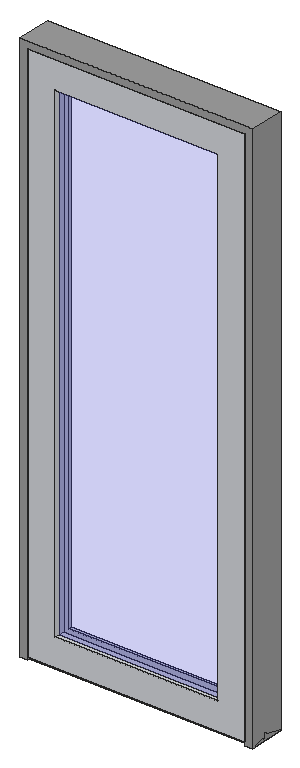
Revit family "8001", category Doors, host Wall, Revit 2016
Family settings
  Host = Wall
  OmniClass Number = 23.30.10.00
  OmniClass Title = Doors
  Always vertical = Yes
  Cut with Voids When Loaded = No
  Shared = No
  Room Calculation Point = No
Parameters (values of type "888x2088mm")
  frame 157mm [instance] = no
  Rough Width = Width + (2 * Joint)  # 912 mm
  Rough Height = Height + (2 * Joint)  # 2112 mm
  Placement in wall = 170 mm
  Manufacturer = "www.kronevinduer.dk"
  Joint = 12 mm
  Glass panel material [instance] = Glass
  Function = Interior
  Frame Projection Ext. = 25 mm
  Frame Projection Int. = 25 mm
  Frame Width = 75 mm
  Height = 2088 mm
  Wall Closure = By host
  Width = 888 mm
  Bottom Placement = Placement in wall - 59 mm  # 111 mm
Reference planes
  plane 1: y = 0
  plane 2 "Center (Left/Right)": x = 0
  plane 3 "Left": x = -444
  plane 4 "Right": x = 444
  plane 5: z = 2088
  plane 6 "Exterior": y = 75
  plane 7 "Interior": y = -75
  plane 8: y = -95
  plane 9: x = 432
  plane 10: x = -432
  plane 11: z = 2076
  plane 12: z = 12
  plane 13: z = 23
  plane 14: y = -36
Forms (mm)
  Sweep 1, solid, material "Default"
    path origin (0, 75, 0) x (1, 0, 0) y (0, 0, 1)
      loop
        line (432, 12) -> (-432, 12)
    profile "ALU_BOTTOM_INward : ALU_BOTTOM_INward" origin (0, 75, 12) x (0, 0, -1) y (0, -1, 0)
      loop
        line (0, 160) -> (-1.763, 160) -> (-11, 121) -> (-6.25, 121) -> (-6.25, 111) -> (-24.621, 111) -> (-24.621, 109) -> (-20.949, 109) -> (-5.5, 41) -> (0, 41) -> (0, 160)
  Sweep 2, solid, material "Default"
    path origin (0, 75, 0) x (1, 0, 0) y (0, 0, 1)
      loop
        line (432, 12) -> (432, 2076) -> (-432, 2076) -> (-432, 12)
    profile "COto 62 ALU_WOOD_FRAME 45x130MM_S : COto 62 ALU_WOOD_FRAME 45x130MM_S" origin (432, 75, 1044) x (-1, 0, 0) y (0, -1, 0)
      loop
        line (0, 40) -> (45, 40) -> (45, 111) -> (27, 111) -> (27, 170) -> (0, 170) -> (0, 40)
  Sweep 3, solid, visible <- "frame 157mm"
    path origin (0, 75, 0) x (1, 0, 0) y (0, 0, 1)
      loop
        line (432, 12) -> (432, 2076) -> (-432, 2076) -> (-432, 12)
    profile "COto 62 ALU_WOOD_FRAME 45x157MM_S : COto 62 ALU_WOOD_FRAME 45x157MM_S" origin (432, 75, 1044) x (-1, 0, 0) y (0, -1, 0)
      loop
        line (0, 13) -> (45, 13) -> (45, 111) -> (27, 111) -> (27, 170) -> (0, 170) -> (0, 13)
  Sweep 4, solid
    path origin (0, 75, 0) x (1, 0, 0) y (0, 0, 1)
      loop
        line (405, 23) -> (405, 2049) -> (-405, 2049) -> (-405, 23) -> (405, 23)
    profile "COto 62 ALU_WOOD_SASH_DOOR_INward : COto 62 ALU_WOOD_SASH_DOOR_INward" origin (405, 75, 1036) x (-1, 0, 0) y (0, -1, 0)
      loop
        line (0, 170) -> (0, 111) -> (18, 111) -> (18, 96) -> (103, 96) -> (103, 107) -> (85, 107) -> (85, 155) -> (103, 155) -> (103, 170) -> (0, 170)
  Extrusion 5, solid, material "Glass"
    sketch origin (0, 0, 0) x (0, 1, 0) y (0, 0, 1)
      loop
        line (-32, 108) -> (-32, 1964) -> (-80, 1964) -> (-80, 108) -> (-32, 108)
    from -320 to 320
Lines and regions (mm)
  Opening 1
    outline origin (-3050, -75, 0) x (1, 0, 0) y (0, 0, 1)
      loop
        line (2606, 0) -> (3494, 0) -> (3494, 2088) -> (2606, 2088) -> (2606, 0)
  symbolic lines, style "Elevation Swing"
    curve 1: line (444, -75, 1044) -> (-444, -75, 2088)
    curve 2: line (444, -75, 1044) -> (-444, -75, 0)
  symbolic lines, style "Plan Swing"
    curve 3: arc (320, -80, 0) -> (132.548, -532.548, 0) -> (-320, -720, 0) r 640
    curve 4: line (-320, -80, 0) -> (-320, -720, 0)
Text (mm)
  text "Exterior" at (-2295.016, 1099.543, 0), in view "Ref. Level"
  text "Exterior" at (0, 1615.38, 3698.081), in view "Left"
  text "Exterior" at (0, 1036.032, 3874.932), in view "Right"
Dimensions and locks
  equal spacing: plane 3 "Left", plane 2 "Center (Left/Right)", plane 4 "Right"
  "Width": plane 3 "Left" to plane 4 "Right"
  "Height": plane 5 to host wall
  equal spacing: host wall, curve 2, plane 5
  host wall to plane 5 = 2088 mm
  locked: plane 6 "Exterior" to host wall at 0
  locked: plane 7 "Interior" to host wall
  "Joint": plane 11 to plane 5
  "Joint": level to plane 12
  "Joint": plane 9 to plane 4 "Right"
  "Joint": plane 10 to plane 3 "Left"
  "Bottom Placement": host wall to plane 14
  "Placement in wall": host wall to plane 8
  aligned and locked: plane 3 "Left" to Opening 1 sketch curve
  aligned and locked: plane 5 to Opening 1 sketch curve  (x2)
  aligned and locked: Opening 1 sketch curve to plane 4 "Right"
  aligned and locked: Opening 1 sketch curve to level
  aligned and locked: plane 5 to curve 1
  aligned and locked: plane 3 "Left" to curve 2
  aligned and locked: plane 1 to host wall
  aligned and locked: plane 3 "Left" to curve 1
  aligned and locked: Sweep 4 sketch curve to plane 13
  aligned and locked: Extrusion 5 sketch curve to Sweep 4  (x2)
  aligned and locked: Extrusion 5 to Sweep 4  (x4)
  aligned and locked: Sweep 4 to curve 4
  aligned and locked: curve 4 to Sweep 4
Automatic sketch dimensions
  plane 4 "Right" to curve 2 = 0 mm
  curve 2 to level = 0 mm
  Sweep 1 sketch curve to plane 10 = 0 mm
  plane 9 to Sweep 1 sketch curve = 0 mm
  Sweep 1 sketch curve to plane 12 = 0 mm
  Sweep 2 sketch curve to plane 10 = 0 mm
  plane 9 to Sweep 2 sketch curve = 0 mm
  Sweep 2 sketch curve to plane 12 = 0 mm  (x2)
  Sweep 2 sketch curve to plane 11 = 0 mm
  Sweep 3 sketch curve to plane 10 = 0 mm
  plane 9 to Sweep 3 sketch curve = 0 mm
  Sweep 3 sketch curve to plane 12 = 0 mm  (x2)
  Sweep 3 sketch curve to plane 11 = 0 mm
  plane 10 to Sweep 4 sketch curve = 27 mm
  plane 9 to Sweep 4 sketch curve = 27 mm
  plane 11 to Sweep 4 sketch curve = 27 mm
  level to Extrusion 5 sketch curve = 108 mm
  plane 5 to Extrusion 5 sketch curve = 124 mm
  plane 9 to curve 3 = 112 mm
  curve 4 to curve 3 = 0 mm
